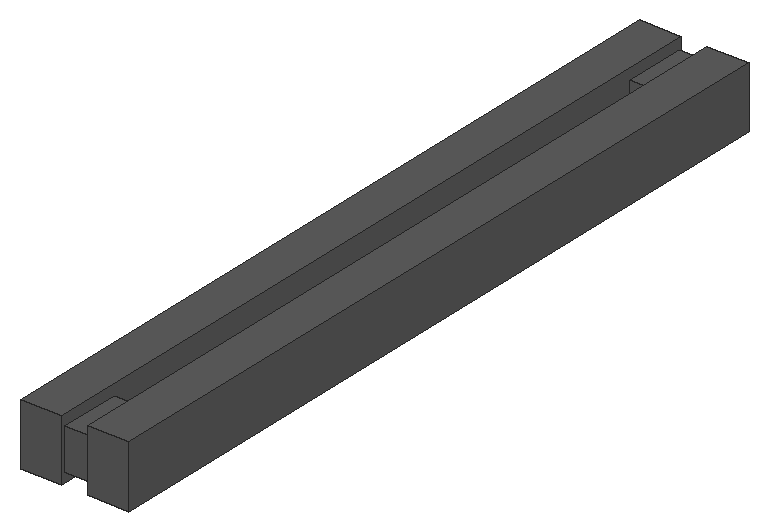
Revit family "EV_COMAIN WALER 0,75_1850162", category Generic Models, Revit 2018
Family settings
  Can host rebar = No
  Round Connector Dimension = Use Diameter
  Part Type = Normal
  OmniClass Number = 35.51.14.00
  OmniClass Title = FORMWORK
  Work Plane-Based = Yes
  Always vertical = No
  Cut with Voids When Loaded = No
  Shared = Yes
  Room Calculation Point = No
Parameters (values of type "EV_COMAIN WALER 0,75_1850162")
  VERSION = "20190101"  # constant formula
  URL = "www.ulmaconstruction.com/en"
  UNICLASS = ""
  Manufacturer = "ULMA CONSTRUCTION"  # constant formula
  ITEM_CODE = "1850162"
  FILTER [instance] = ""
  Default Elevation = 0.000 mm
  CLASSIFICATION_TITLE = ""
  CLASSIFICATION_NUMBER = ""
Reference planes
  plane 1 "Centro (Frontal/Posterior)": y = 0
  plane 2: z = 0
  plane 3 "Centro (Izquierda/Derecha)": x = 0
  plane 4 "START": y = -375
  plane 5 "END": y = 375
Forms (mm)
  Extrusion 1, solid, material "ULMA BLACK", detail levels fine
    sketch origin (0, 0, 0) x (1, 0, 0) y (0, 0, 1)
      loop
        line (-52.5, 0) -> (-12.5, 0) -> (-12.5, 60) -> (-52.5, 60) -> (-52.5, 0)
      loop
        line (12.5, 0) -> (52.5, 0) -> (52.5, 60) -> (12.5, 60) -> (12.5, 0)
    from -375 to 375
  Extrusion 2, solid, material "ULMA BLACK", detail levels fine
    sketch origin (0, 0, 0) x (0, 1, 0) y (0, 0, 1)
      loop
        line (-372, 10) -> (-312, 10) -> (-312, 50) -> (-372, 50) -> (-372, 10)
    from -12.5 to 12.5
  Extrusion 3, solid, material "ULMA BLACK", detail levels fine
    sketch origin (0, 2800, 0) x (0, 1, 0) y (0, 0, 1)
      loop
        line (-2488, 10) -> (-2428, 10) -> (-2428, 50) -> (-2488, 50) -> (-2488, 10)
    from -12.5 to 12.5
  Extrusion 4, solid, material "ULMA BLACK", detail levels coarse+medium
    sketch origin (0, 0, 0) x (1, 0, 0) y (0, 0, 1)
      loop
        line (-52.5, 60) -> (-52.5, 0) -> (52.5, 0) -> (52.5, 60) -> (-52.5, 60)
    from -375 to 375
Cuts and joins
  joined: Extrusion 1, Extrusion 2
Dimensions and locks
  locked: plane 4 "START" to Extrusion 2 sketch curve at 3
  locked: Extrusion 2 sketch curve to Extrusion 2 sketch curve at 60
  locked: Extrusion 3 sketch curve to Extrusion 3 sketch curve at 60
  locked: plane 5 "END" to plane 4 "START" at 750
  aligned and locked: plane 2 to level
  aligned and locked: plane 5 "END" to Extrusion 1
  aligned and locked: Extrusion 1 to plane 4 "START"
  aligned and locked: Extrusion 4 to plane 4 "START"
  aligned and locked: plane 5 "END" to Extrusion 4
